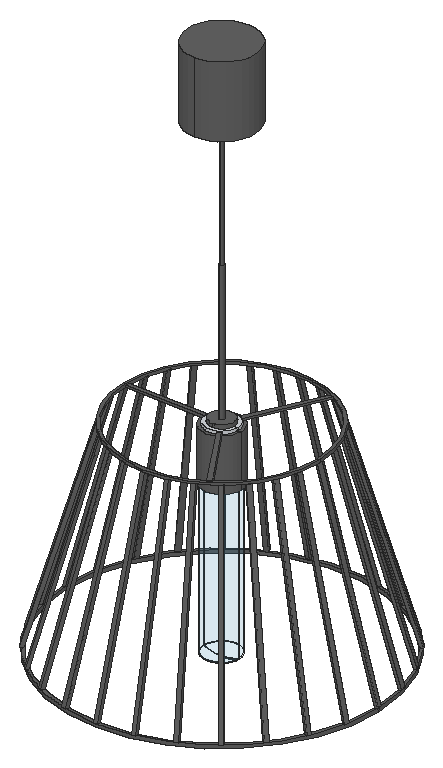
Revit family "Justerbar Lab Pendle_Reagens_Cage", category Lighting Fixtures, Revit 2021
Family settings
  Round Connector Dimension = Use Diameter
  Part Type = Normal
  OmniClass Number = 23.80.70.00
  OmniClass Title = Lighting
  Work Plane-Based = No
  Always vertical = Yes
  Cut with Voids When Loaded = No
  Light Source = Yes
  Shared = No
  Room Calculation Point = No
Parameters
  Wattage = 9.2903 W
  built-in parameter 1150110 = 1 (stored number, unit not read)
  built-in parameter 1114217 = 1 (stored number, unit not read)
  built-in parameter 1150109 = 1 (stored number, unit not read)
  built-in parameter 1150134 = (empty or 0)
  built-in parameter 1150113 = 1 (stored number, unit not read)
  Spredning = "120"
  MacAdams = "< 3 SCDM"
  Lyskilde = "LED"
  Lumens = 1380 lm
  built-in parameter 1150115 = 1 (stored number, unit not read)
  built-in parameter 1150105 = 109.82 (stored number, unit not read)
  Lumen = "660lm"
  Light Source Symbol Size = 609.6 mm
  built-in parameter 1150137 = (empty or 0)
  built-in parameter 1150139 = (empty or 0)
  Levetid = "L70 50.000 timer"
  Level Heigth [instance] = 3000 mm
  built-in parameter 1150112 = 1 (stored number, unit not read)
  built-in parameter 1150114 = 1 (stored number, unit not read)
  Kjøle metode = "Passiv"
  built-in parameter 1150132 = 2
  built-in parameter 1150102 = (empty or 0)
  built-in parameter 1150138 = (empty or 0)
  built-in parameter 1150107 = 3000 (stored number, unit not read)
  built-in parameter 1150106 = 1.0982 (stored number, unit not read)
  Frekvens Sekundærkilde = "1000 Hz"
  Frekvens = "50-60 Hz"
  Floor thickness [instance] = 300 mm
  Fargetemperatur = "2700K, 3000K,eller DW"
  Farger = "Sort"
  built-in parameter 1150104 = 13.8 (stored number, unit not read)
  Effekt = "6W"
  Driftspenning = "220-240V"
  Dist.floor [instance] = 2000 mm
  Dimming Lamp Color Temperature Shift = <None>
  Dimbar = "Dali eller Triac"
  Default Elevation = 0 mm
  Color Filter = 16777215
  CRI = ">90"
  Beskyttelsesgrad = "IP20"
  built-in parameter 1114218 = 1 (stored number, unit not read)
  built-in parameter 1150133 = 10 (stored number, unit not read)
Reference planes
  plane 1 "Light Source Axis (F/B)": y = 0
  plane 2: z = 0
  plane 3 "Light Source Axis (L/R)": x = 0
  plane 4 "Light Source Elevation": z = 2101.866
  plane 5: z = 2446.117
  plane 6: z = 2603
  plane 7: z = 2610
  plane 8 "Top": z = 3000
  plane 9: z = 2700
  plane 10: z = 2000
Forms (mm)
  Extrusion 1, solid, material "Default New Material"
    sketch origin (0, 0.011, 1200.009) x (0, 1, 0) y (-1, 0, 0)
      loop
        circle (0, 0) r 42.5
    from 1409.991 to 1499.991
  Extrusion 2, solid, material "Default New Material"
    sketch origin (0, 0.011, 1200.009) x (0, 1, 0) y (-1, 0, 0)
      loop
        circle (0, 0) r 6
    from 1402.991 to 1409.991
  Extrusion 3, solid, material "Default New Material"
    sketch origin (0, 0.011, 1200.009) x (0, 1, 0) y (-1, 0, 0)
      loop
        circle (0, 0) r 2.031
    from 1246.108 to 1402.991
Dimensions and locks
  locked: plane 6 to plane 7 at 7
  locked: plane 4 "Light Source Elevation" to plane 5 at 344.252
  "Level Heigth": level to plane 8 "Top"
  "Floor thickness": plane 9 to plane 8 "Top"
  locked: plane 7 to plane 9 at 90
  locked: plane 10 to plane 4 "Light Source Elevation" at 101.866
  "Dist.floor": level to plane 10
  aligned and locked: imposter light to plane 1 "Light Source Axis (F/B)"
  aligned and locked: level to plane 2
  aligned and locked: plane 6 to Extrusion 2
  aligned and locked: plane 7 to Extrusion 1
  aligned and locked: Extrusion 2 to Extrusion 1
  aligned and locked: Extrusion 3 to Extrusion 2
  aligned and locked: Extrusion 3 to plane 5
  aligned and locked: Extrusion 1 to plane 9
  aligned and locked: plane 5 to nested 2
  aligned and locked: nested 3 to nested 2
  aligned and locked: imposter light to nested 3
  aligned and locked: imposter light to plane 4 "Light Source Elevation"
Automatic sketch dimensions
  Extrusion 1 sketch curve to plane 3 "Light Source Axis (L/R)" = 0 mm
  Extrusion 1 sketch curve to plane 1 "Light Source Axis (F/B)" = 0.011 mm
  Extrusion 2 sketch curve to plane 3 "Light Source Axis (L/R)" = 0 mm
  Extrusion 2 sketch curve to plane 1 "Light Source Axis (F/B)" = 0.011 mm
  Extrusion 3 sketch curve to plane 3 "Light Source Axis (L/R)" = 0 mm
  Extrusion 3 sketch curve to plane 1 "Light Source Axis (F/B)" = 0.011 mm
  radius of Extrusion 1 sketch curve = 42.5 mm
  radius of Extrusion 2 sketch curve = 6 mm
  radius of Extrusion 3 sketch curve = 2.031 mm
Nested families
  nested 1: "2D tegn" at (0, 0, 0), type "2D tegn"
  nested 2: "Family1" at (0, 0, 1487.065), type "Family1"
  nested 3: "Cage" at (0, 0, 2700.029), type "Cage"
Definition of nested family "Family1"
  Parameters (values of type "Family1")
    Wattage = 9.2903 W
    built-in parameter 1150110 = 1 (stored number, unit not read)
    built-in parameter 1114217 = 1 (stored number, unit not read)
    built-in parameter 1150109 = 1 (stored number, unit not read)
    built-in parameter 1150134 = 5
    built-in parameter 1150113 = 1 (stored number, unit not read)
    built-in parameter 1150105 = 109.82 (stored number, unit not read)
    Lumens = 1380 lm
    built-in parameter 1150115 = 1 (stored number, unit not read)
    Light Source Symbol Size = 609.6 mm
    built-in parameter 1150137 = (empty or 0)
    built-in parameter 1150139 = (empty or 0)
    built-in parameter 1150112 = 1 (stored number, unit not read)
    built-in parameter 1150114 = 1 (stored number, unit not read)
    built-in parameter 1150132 = (empty or 0)
    built-in parameter 1150102 = (empty or 0)
    built-in parameter 1150107 = 6000 (stored number, unit not read)
    built-in parameter 1150138 = (empty or 0)
    built-in parameter 1150106 = 1.0982 (stored number, unit not read)
    built-in parameter 1150104 = 13.8 (stored number, unit not read)
    Dimming Lamp Color Temperature Shift = (empty or 0)
    Default Elevation = 0 mm
    Color Filter = 16777215
    built-in parameter 1114218 = 1 (stored number, unit not read)
    built-in parameter 1150133 = 10 (stored number, unit not read)
  Reference planes
    plane 1 "Center (Front/Back)": y = 0
    plane 2: z = 0
    plane 3 "Center (Left/Right)": x = 0
  Forms (mm)
    Extrusion 1, solid
      sketch origin (0, 0.011, 1212.964) x (0, 1, 0) y (-1, 0, 0)
        loop
          circle (0, 0) r 3.032
      from -428 to -253.911
    Extrusion 2, solid
      sketch origin (0, 0.011, 1212.964) x (0, 1, 0) y (-1, 0, 0)
        loop
          circle (0, 0) r 15
      from -435 to -428
    Revolve 3, solid
      sketch origin (0, 0.011, -2787.036) x (1, 0, 0) y (0, 0, 1)
        loop
          line (25, 3565) -> (21.832, 3565) -> (0, 3565) -> (0, 3533.682) -> (21.832, 3533.682) -> (21.832, 3499) -> (25, 3499) -> (25, 3565)
        axis (0, 3499) -> (0, 3565)
      angle from 0 to 360
    Revolve 4, solid
      sketch origin (0, 0.011, -2787.036) x (1, 0, 0) y (0, 0, 1)
        loop
          line (0, 3532.984) -> (0, 3499) -> (21.729, 3499) -> (21.729, 3532.984) -> (0, 3532.984)
        axis (0, 3499) -> (0, 3532.984)
      angle from 0 to 360
    Revolve 5, solid
      sketch origin (0, 0.011, -2787.046) x (1, 0, 0) y (0, 0, 1)
        loop
          arc (23.002, 3498.068) -> (22.53, 3498.759) -> (21.731, 3499.009) r 1.275
          line (21.731, 3499.009) -> (20.821, 3499.009)
          arc (20.821, 3499.009) -> (21.664, 3498.576) -> (22.002, 3497.691) r 1.326
          line (22.002, 3497.691) -> (22.002, 3305.625)
          arc (22.002, 3305.625) -> (11.278, 3301.997) -> (0, 3301.01) r 47.486
          line (0, 3301.01) -> (0, 3300.01)
          arc (0, 3300.01) -> (11.808, 3301.088) -> (23.002, 3305) r 48.485
          line (23.002, 3305) -> (23.002, 3498.068)
        axis (0, 3300.01) -> (0, 3499.009)
      angle from 0 to 360
  Lines and regions (mm)
    model lines
      curve 1: line (-0.141, 0, 1713.043) -> (-4.202, 0, 1713.043)
      curve 2: line (-2.171, 0, 1713.043) -> (-2.171, 0, 1714.623)
    model lines, not visible
      curve 3: line (-1454, 0, -2024.844) -> (-1589, 0, -2024.844)
  Dimensions and locks
    locked: Revolve 5 sketch curve to Revolve 5 sketch curve at 22.481
    locked: Revolve 5 sketch curve to Revolve 5 sketch curve at 199.091
    Revolve 5 sketch curve to Revolve 5 sketch curve = 1.77 mm
    aligned and locked: level to plane 2
    aligned and locked: Extrusion 1 to Extrusion 2
Definition of nested family "Cage"
  Parameters
    Default Elevation = 0 mm
  Reference planes
    plane 1 "Center (Front/Back)": y = 0
    plane 2: z = 0
    plane 3 "Center (Left/Right)": x = 0
  Forms (mm)
    Extrusion 1, solid
      sketch origin (0, 0, -4007) x (1, 0, 0) y (0, 0, 1)
        loop
          line (199.714, 3319.224) -> (124.714, 3572) -> (121.195, 3572) -> (196.195, 3319.224) -> (199.714, 3319.224)
      from -2.416 to 2.821
    Revolve 2, solid
      sketch origin (0, 0, -4007) x (1, 0, 0) y (0, 0, 1)
        loop
          line (199.714, 3319.224) -> (196.181, 3319.224) -> (196.181, 3315) -> (199.714, 3315) -> (199.714, 3319.224)
        axis (0, 3315) -> (0, 3319.224)
      angle from 0 to 360
    Revolve 3, solid
      sketch origin (0, 0, -4007) x (1, 0, 0) y (0, 0, 1)
        loop
          line (124.714, 3572) -> (124.714, 3575) -> (121.21, 3575) -> (121.21, 3572) -> (124.714, 3572)
        axis (0, 3572) -> (0, 3575)
      angle from 0 to 360
    Extrusion 4, solid
      sketch origin (0, 0, -4007) x (-1, 0, 0) y (0, 0, 1)
        loop
          line (199.714, 3319.224) -> (124.714, 3572) -> (121.195, 3572) -> (196.195, 3319.224) -> (199.714, 3319.224)
      from -2.416 to 2.821
    Extrusion 5, solid
      sketch origin (0, 0, -4007) x (0.974928, -0.222521, 0) y (0, 0, 1)
        loop
          line (199.714, 3319.224) -> (124.714, 3572) -> (121.195, 3572) -> (196.195, 3319.224) -> (199.714, 3319.224)
      from -2.416 to 2.821
    Extrusion 6, solid
      sketch origin (0, 0, -4007) x (0.900969, -0.433884, 0) y (0, 0, 1)
        loop
          line (199.714, 3319.224) -> (124.714, 3572) -> (121.195, 3572) -> (196.195, 3319.224) -> (199.714, 3319.224)
      from -2.416 to 2.821
    Extrusion 7, solid
      sketch origin (0, 0, -4007) x (0.781831, -0.62349, 0) y (0, 0, 1)
        loop
          line (199.714, 3319.224) -> (124.714, 3572) -> (121.195, 3572) -> (196.195, 3319.224) -> (199.714, 3319.224)
      from -2.416 to 2.821
    Extrusion 8, solid
      sketch origin (0, 0, -4007) x (0.62349, -0.781831, 0) y (0, 0, 1)
        loop
          line (199.714, 3319.224) -> (124.714, 3572) -> (121.195, 3572) -> (196.195, 3319.224) -> (199.714, 3319.224)
      from -2.416 to 2.821
    Extrusion 9, solid
      sketch origin (0, 0, -4007) x (0.433884, -0.900969, 0) y (0, 0, 1)
        loop
          line (199.714, 3319.224) -> (124.714, 3572) -> (121.195, 3572) -> (196.195, 3319.224) -> (199.714, 3319.224)
      from -2.416 to 2.821
    Extrusion 10, solid
      sketch origin (0, 0, -4007) x (0.222521, -0.974928, 0) y (0, 0, 1)
        loop
          line (199.714, 3319.224) -> (124.714, 3572) -> (121.195, 3572) -> (196.195, 3319.224) -> (199.714, 3319.224)
      from -2.416 to 2.821
    Extrusion 11, solid
      sketch origin (0, 0, -4007) x (0, -1, 0) y (0, 0, 1)
        loop
          line (199.714, 3319.224) -> (124.714, 3572) -> (121.195, 3572) -> (196.195, 3319.224) -> (199.714, 3319.224)
      from -2.416 to 2.821
    Extrusion 12, solid
      sketch origin (0, 0, -4007) x (-0.222521, -0.974928, 0) y (0, 0, 1)
        loop
          line (199.714, 3319.224) -> (124.714, 3572) -> (121.195, 3572) -> (196.195, 3319.224) -> (199.714, 3319.224)
      from -2.416 to 2.821
    Extrusion 13, solid
      sketch origin (0, 0, -4007) x (-0.433884, -0.900969, 0) y (0, 0, 1)
        loop
          line (199.714, 3319.224) -> (124.714, 3572) -> (121.195, 3572) -> (196.195, 3319.224) -> (199.714, 3319.224)
      from -2.416 to 2.821
    Extrusion 14, solid
      sketch origin (0, 0, -4007) x (-0.62349, -0.781831, 0) y (0, 0, 1)
        loop
          line (199.714, 3319.224) -> (124.714, 3572) -> (121.195, 3572) -> (196.195, 3319.224) -> (199.714, 3319.224)
      from -2.416 to 2.821
    Extrusion 15, solid
      sketch origin (0, 0, -4007) x (-0.781831, -0.62349, 0) y (0, 0, 1)
        loop
          line (199.714, 3319.224) -> (124.714, 3572) -> (121.195, 3572) -> (196.195, 3319.224) -> (199.714, 3319.224)
      from -2.416 to 2.821
    Extrusion 16, solid
      sketch origin (0, 0, -4007) x (-0.900969, -0.433884, 0) y (0, 0, 1)
        loop
          line (199.714, 3319.224) -> (124.714, 3572) -> (121.195, 3572) -> (196.195, 3319.224) -> (199.714, 3319.224)
      from -2.416 to 2.821
    Extrusion 17, solid
      sketch origin (0, 0, -4007) x (-0.974928, -0.222521, 0) y (0, 0, 1)
        loop
          line (199.714, 3319.224) -> (124.714, 3572) -> (121.195, 3572) -> (196.195, 3319.224) -> (199.714, 3319.224)
      from -2.416 to 2.821
    Extrusion 18, solid
      sketch origin (0, 0, -4007) x (0.974928, 0.222521, 0) y (0, 0, -1)
        loop
          line (199.714, -3319.224) -> (196.195, -3319.224) -> (121.195, -3572) -> (124.714, -3572) -> (199.714, -3319.224)
      from -2.416 to 2.821
    Extrusion 19, solid
      sketch origin (0, 0, -4007) x (0.900969, 0.433884, 0) y (0, 0, -1)
        loop
          line (199.714, -3319.224) -> (196.195, -3319.224) -> (121.195, -3572) -> (124.714, -3572) -> (199.714, -3319.224)
      from -2.416 to 2.821
    Extrusion 20, solid
      sketch origin (0, 0, -4007) x (0.781831, 0.62349, 0) y (0, 0, -1)
        loop
          line (199.714, -3319.224) -> (196.195, -3319.224) -> (121.195, -3572) -> (124.714, -3572) -> (199.714, -3319.224)
      from -2.416 to 2.821
    Extrusion 21, solid
      sketch origin (0, 0, -4007) x (0.62349, 0.781831, 0) y (0, 0, -1)
        loop
          line (199.714, -3319.224) -> (196.195, -3319.224) -> (121.195, -3572) -> (124.714, -3572) -> (199.714, -3319.224)
      from -2.416 to 2.821
    Extrusion 22, solid
      sketch origin (0, 0, -4007) x (0.433884, 0.900969, 0) y (0, 0, -1)
        loop
          line (199.714, -3319.224) -> (196.195, -3319.224) -> (121.195, -3572) -> (124.714, -3572) -> (199.714, -3319.224)
      from -2.416 to 2.821
    Extrusion 23, solid
      sketch origin (0, 0, -4007) x (0.222521, 0.974928, 0) y (0, 0, -1)
        loop
          line (199.714, -3319.224) -> (196.195, -3319.224) -> (121.195, -3572) -> (124.714, -3572) -> (199.714, -3319.224)
      from -2.416 to 2.821
    Extrusion 24, solid
      sketch origin (0, 0, -4007) x (0, 1, 0) y (0, 0, -1)
        loop
          line (199.714, -3319.224) -> (196.195, -3319.224) -> (121.195, -3572) -> (124.714, -3572) -> (199.714, -3319.224)
      from -2.416 to 2.821
    Extrusion 25, solid
      sketch origin (0, 0, -4007) x (-0.222521, 0.974928, 0) y (0, 0, -1)
        loop
          line (199.714, -3319.224) -> (196.195, -3319.224) -> (121.195, -3572) -> (124.714, -3572) -> (199.714, -3319.224)
      from -2.416 to 2.821
    Extrusion 26, solid
      sketch origin (0, 0, -4007) x (-0.433884, 0.900969, 0) y (0, 0, -1)
        loop
          line (199.714, -3319.224) -> (196.195, -3319.224) -> (121.195, -3572) -> (124.714, -3572) -> (199.714, -3319.224)
      from -2.416 to 2.821
    Extrusion 27, solid
      sketch origin (0, 0, -4007) x (-0.62349, 0.781831, 0) y (0, 0, -1)
        loop
          line (199.714, -3319.224) -> (196.195, -3319.224) -> (121.195, -3572) -> (124.714, -3572) -> (199.714, -3319.224)
      from -2.416 to 2.821
    Extrusion 28, solid
      sketch origin (0, 0, -4007) x (-0.781831, 0.62349, 0) y (0, 0, -1)
        loop
          line (199.714, -3319.224) -> (196.195, -3319.224) -> (121.195, -3572) -> (124.714, -3572) -> (199.714, -3319.224)
      from -2.416 to 2.821
    Extrusion 29, solid
      sketch origin (0, 0, -4007) x (-0.900969, 0.433884, 0) y (0, 0, -1)
        loop
          line (199.714, -3319.224) -> (196.195, -3319.224) -> (121.195, -3572) -> (124.714, -3572) -> (199.714, -3319.224)
      from -2.416 to 2.821
    Extrusion 30, solid
      sketch origin (0, 0, -4007) x (-0.974928, 0.222521, 0) y (0, 0, -1)
        loop
          line (199.714, -3319.224) -> (196.195, -3319.224) -> (121.195, -3572) -> (124.714, -3572) -> (199.714, -3319.224)
      from -2.416 to 2.821
    Revolve 31, solid
      sketch origin (0, 0, -4000) x (1, 0, 0) y (0, 0, 1)
        loop
          line (15.569, 3568) -> (15.569, 3565) -> (20.535, 3565) -> (20.535, 3568) -> (15.569, 3568)
        axis (0, 3565) -> (0, 3568)
      angle from 0 to 360
    Extrusion 32, solid
      sketch origin (0, 0, 0) x (0, 1, 0) y (-1, 0, 0)
        loop
          arc (2.821, 121.1) -> (0.321, 121.21) -> (-2.179, 121.124) r 31.898
          line (-2.179, 121.124) -> (-2.179, 20.419)
          arc (-2.179, 20.419) -> (0.323, 20.533) -> (2.821, 20.341) r 20.535
          line (2.821, 20.341) -> (2.821, 121.1)
      from -435 to -432.376
    Extrusion 33, solid
      sketch origin (0, 0, 0) x (0.90102, -0.433778, 0) y (0.433778, 0.90102, 0)
        loop
          arc (2.821, 121.1) -> (0.321, 121.21) -> (-2.179, 121.124) r 31.898
          line (-2.179, 121.124) -> (-2.179, 20.419)
          arc (-2.179, 20.419) -> (0.323, 20.533) -> (2.821, 20.341) r 20.535
          line (2.821, 20.341) -> (2.821, 121.1)
      from -435 to -432.376
    Extrusion 34, solid
      sketch origin (0, 0, 0) x (-0.837007, -0.547192, 0) y (0.547192, -0.837007, 0)
        loop
          arc (2.821, 121.1) -> (0.321, 121.21) -> (-2.179, 121.124) r 31.898
          line (-2.179, 121.124) -> (-2.179, 20.419)
          arc (-2.179, 20.419) -> (0.323, 20.533) -> (2.821, 20.341) r 20.535
          line (2.821, 20.341) -> (2.821, 121.1)
      from -435 to -432.376
  Dimensions and locks
    aligned and locked: level to plane 2
Definition of nested family "2D tegn"
  Reference planes
    plane 1: y = 0
    plane 2: x = 0
  Lines and regions (mm)
    detail lines
      curve 1: circle (0, 0, 0) r 5 normal (0, 0, 1)
      curve 2: line (-3.536, -3.536, 0) -> (3.536, 3.536, 0)
      curve 3: line (3.536, -3.536, 0) -> (-3.536, 3.536, 0)
